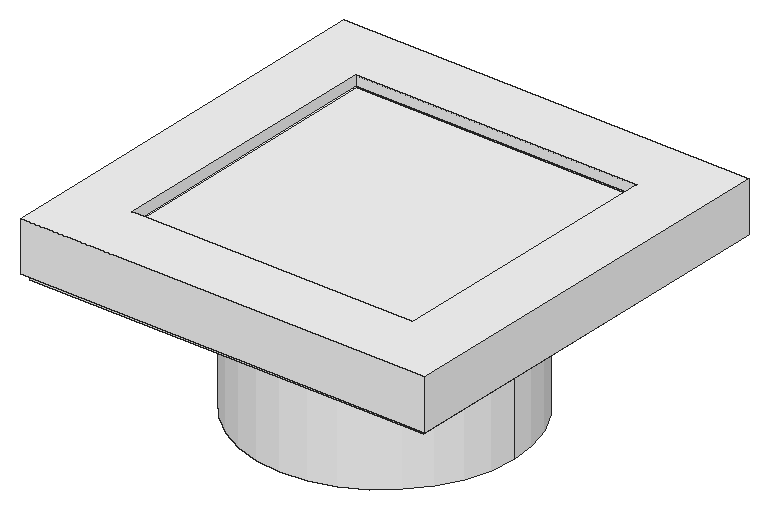
Revit family "Gira_012703", category Electrical Fixtures, host Face, Revit 2017
Family settings
  Host = Face
  Maintain Annotation Orientation = Yes
  Round Connector Dimension = Use Diameter
  Part Type = Normal
  Cut with Voids When Loaded = No
  Shared = No
  Room Calculation Point = No
Parameters (values of type "Tastschalter Kreuz System 55 Reinweiß")
  Zusammenstellung = "Basiselement mit zentraler Abdeckplatte"
  White [instance] = White
  Werkstoffgüte = "sonstige"
  Werkstoff = "sonstige"
  Waschmaschinenschalter = "No"
  URL = "http://katalog.gira.de/de_DE/datenblatt.html?artikelnr=012703"
  Textfeld/Beschriftungsfläche = "nein"
  Tastschalter = "Yes"
  Schaltungsart = "Kreuzschalter"
  Rückmeldekontakt = "No"
  Region = "DE"
  RAL-Nummer (ähnlich) = "9010 "
  Oberfläche = "sonstige"
  Nennspannung = "250 Volt"
  Name = "Tastschalter Kreuz System 55 Reinweiß"
  Montageart = "unter Putz"
  Model = "Sys55_Komplettgerät_Schalten und Tasten"
  Mit Montageplatte = "No"
  Manufacturer URL = "https://www.gira.de/"
  HeinzeBIM = "https://bimportal.heinze.de/bim/tastschalter-kreuz-system-55-reinweiss/88cc5eab497b3df18e621df5ebbb32bb8c9555f6"
  Halogenfrei = "Yes"
  HAN = "012703"
  Geeignet für Schutzart (IP) = "IP20"
  GTIN = "4010337127031"
  Farbe = "weiß"
  Default Elevation = 1219.2 mm
  Data sheet (1) = "https://katalog.gira.de/de_DE/download.html?artikelnr=012703"
  Category = "Installationsschalter"
  Bemessungsstrom = "10 Ampere"
  Beleuchtung = "nein"
  Befestigungsart = "Krallen-/Schraubbefestigung"
  Bedienungsart = "Wippe/Taste"
  Available = "Yes"
  Ausführung der Oberfläche = "glänzend"
  Anzahl der Module (bei Modulbauweise) = "1 "
  Anzahl der Betätigungswippen = "1 "
  Anschlussart = "Steckklemme"
Reference planes
  plane 1 "Center (Front/Back)": y = 0
  plane 2: z = 0
  plane 3 "Center (Left/Right)": x = 0
Forms (mm)
  Extrusion 1, solid, material "White" <- "White", detail levels medium
    sketch origin (0, 0, 0) x (1, 0, 0) y (0, 1, 0)
      loop
        line (-40.4, 40.4) -> (-40.4, -40.4) -> (40.4, -40.4) -> (40.4, 40.4) -> (-40.4, 40.4)
      loop
        line (-28, 28) -> (-28, -28) -> (28, -28) -> (28, 28) -> (-28, 28)
    from 0 to 10
  Extrusion 2, solid, material "White" <- "White", detail levels fine
    sketch origin (0, 0, 0) x (1, 0, 0) y (0, 1, 0)
      loop
        line (-40.4, 40.4) -> (-40.4, -40.4) -> (40.4, -40.4) -> (40.4, 40.4) -> (-40.4, 40.4)
      loop
        line (-28, 28) -> (-28, -28) -> (28, -28) -> (28, 28) -> (-28, 28)
    from 0 to 10
  Extrusion 3, void
    sketch origin (0, 0, 0) x (1, 0, 0) y (0, 1, 0)
      loop
        line (-38.4, 38.4) -> (-38.4, -38.4) -> (38.4, -38.4) -> (38.4, 38.4) -> (-38.4, 38.4)
    from 0 to 8
  Extrusion 4, solid, material "White" <- "White", detail levels medium+fine
    sketch origin (0, 0, 0) x (1, 0, 0) y (0, 1, 0)
      loop
        line (-39.4, 39.4) -> (-39.4, -39.4) -> (39.4, -39.4) -> (39.4, 39.4) -> (-39.4, 39.4)
    from 0 to -1
  Extrusion 5, solid, material "White" <- "White", detail levels medium+fine
    sketch origin (0, 0, 0) x (1, 0, 0) y (0, 1, 0)
      loop
        line (-35.5, 35.5) -> (-35.5, -35.5) -> (35.5, -35.5) -> (35.5, 35.5) -> (-35.5, 35.5)
    from -2 to -3
  Extrusion 6, solid, material "White" <- "White", detail levels medium+fine
    sketch origin (0, 0, 0) x (1, 0, 0) y (0, 1, 0)
      loop
        circle (0, 0) r 26
    from 0 to -27.5
  Extrusion 7, solid, material "White" <- "White", detail levels coarse
    sketch origin (0, 0, 0) x (1, 0, 0) y (0, 1, 0)
      loop
        line (-40.4, 40.4) -> (-40.4, -40.4) -> (40.4, -40.4) -> (40.4, 40.4) -> (-40.4, 40.4)
    from -27.5 to 10
Cuts and joins
  Extrusion 3 cuts Extrusion 2
Dimensions and locks
  aligned and locked: plane 2 to host face
  aligned and locked: level to host face
  aligned and locked: plane 3 "Center (Left/Right)" to nested 2
  aligned and locked: plane 1 "Center (Front/Back)" to nested 2
Nested families
  nested 1: "Sys55_Abdeckung_Schalten und Tasten_floor_base" at (0, 0, 0), type "Sys55_Abdeckung_Schalten und Tasten_floor_base"
  nested 2: "Schalter" at (0, 0, 0), type "Schalter"
Connectors
  electrical at (0, 0, -27.5)
    settings: on Extrusion 6, index 1, voltage 220 V, apparent load 0 VA, apparent load phase1 0 VA, apparent load phase2 0 VA, apparent load phase3 0 VA, power factor 1, load classification "Other", number of poles 1, system type 30, power factor state 1, is connector primary yes, connector utility no, sub classification motor no, connector description ""
Definition of nested family "Sys55_Abdeckung_Schalten und Tasten_floor_base"
  Parameters
    Default Elevation = 1219.2 mm
    White [instance] = none
  Reference planes
    plane 1 "Center (Front/Back)": y = 0
    plane 2: z = 0
    plane 3 "Center (Left/Right)": x = 0
  Forms (mm)
    Extrusion 1, solid
      sketch origin (0, 0, 0) x (1, 0, 0) y (0, 1, 0)
        loop
          line (-1219.2, 1219.2) -> (-1219.2, -1219.2) -> (1219.2, -1219.2) -> (1219.2, 1219.2) -> (-1219.2, 1219.2)
      from 0 to -304.8
    Extrusion 2, solid, material <- "White", detail levels fine
      sketch origin (0, 0, 0) x (1, 0, 0) y (0, 1, 0)
        loop
          line (-27.5, 27.5) -> (-27.5, -27.5) -> (27.5, -27.5) -> (27.5, 27.5) -> (-27.5, 27.5)
      from 0 to 8
    Extrusion 3, void
      sketch origin (0, 0, 0) x (1, 0, 0) y (0, 1, 0)
        loop
          line (26, 26) -> (-26, 26) -> (-26, -26) -> (26, -26) -> (26, 26)
      from 0 to 6
    Extrusion 4, solid, material <- "White", detail levels medium
      sketch origin (0, 0, 0) x (1, 0, 0) y (0, 1, 0)
        loop
          line (-27.5, 27.5) -> (-27.5, -27.5) -> (27.5, -27.5) -> (27.5, 27.5) -> (-27.5, 27.5)
      from 0 to 8
    Extrusion 5, solid, material <- "White", detail levels medium
      sketch origin (0, 0, 0) x (1, 0, 0) y (0, 1, 0)
        loop
          line (11, -17.5) -> (11, 17.5) -> (-11, 17.5) -> (-11, -17.5) -> (11, -17.5)
      from -6 to 6
    Extrusion 6, solid, material <- "White", detail levels fine
      sketch origin (0, 0, 0) x (1, 0, 0) y (0, 1, 0)
        loop
          line (11, 17.5) -> (-11, 17.5) -> (-11, 16.5) -> (11, 16.5) -> (11, 17.5)
        loop
          line (-11, -16.5) -> (-11, -17.5) -> (11, -17.5) -> (11, -16.5) -> (-11, -16.5)
      from -4 to 6
    Extrusion 7, solid, material <- "White", detail levels fine
      sketch origin (0, 0, 0) x (1, 0, 0) y (0, 1, 0)
        loop
          arc (5, 9.347) -> (0, 10.6) -> (-5, 9.347) r 10.6
          line (-5, 9.347) -> (-5, -9.347)
          arc (-5, -9.347) -> (0, -10.6) -> (5, -9.347) r 10.6
          line (5, -9.347) -> (5, 9.347)
      from -6 to 6
    Extrusion 8, solid, material <- "White", detail levels coarse
      sketch origin (0, 0, 0) x (1, 0, 0) y (0, 1, 0)
        loop
          line (-27.5, 27.5) -> (-27.5, -27.5) -> (27.5, -27.5) -> (27.5, 27.5) -> (-27.5, 27.5)
      from -6 to 8
  Cuts and joins
    Extrusion 3 cuts Extrusion 2
  Dimensions and locks
    aligned and locked: plane 2 to Extrusion 1
    aligned and locked: level to Extrusion 1
Definition of nested family "Schalter"
  Reference planes
    plane 1: y = 0
    plane 2: x = 0
  Lines and regions (mm)
    detail lines
      curve 1: circle (1.375, 2.778, 0) r 0.8 normal (0, 0, 1)
      curve 2: line (1.021, 2.061, 0) -> (0, 0, 0)
      curve 3: line (0, 0, 0) -> (-0.538, 0.266, 0)
  Dimensions and locks
    curve 2 to curve 2 = 2.3 mm
    curve 3 to curve 2 = 0.6 mm
    radius of curve 1 = 0.8 mm
